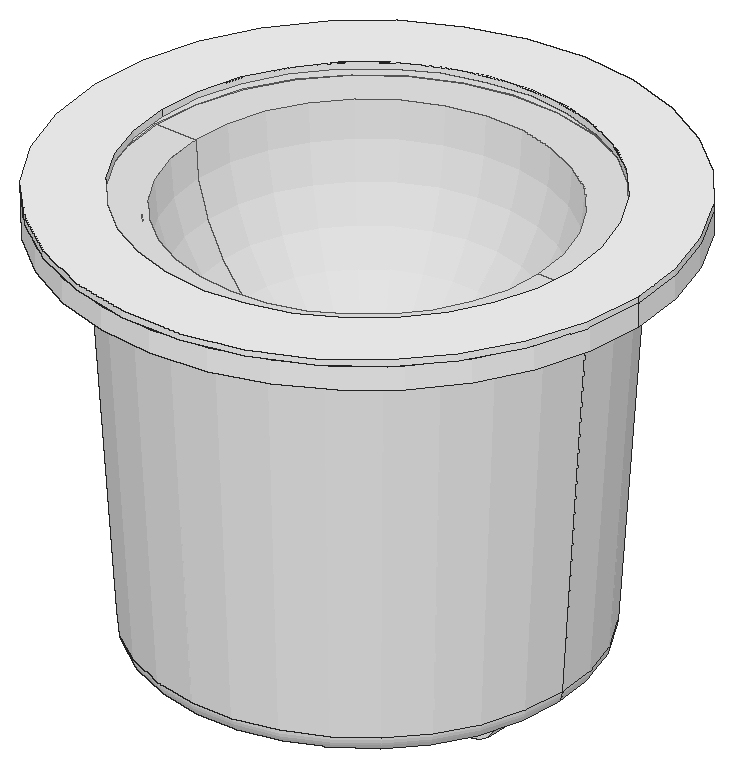
Revit family "2058881 Feilo Sylvania Lighting Fixture MYRD IP ST 2-7K DALI BLK WBEZ", category Lighting Fixtures, host Face, Revit 2017
Family settings
  Host = Face
  Round Connector Dimension = Use Diameter
  Part Type = Normal
  OmniClass Number = 23.80.70.11.17
  OmniClass Title = Specialized Lighting by Location or Use
  Cut with Voids When Loaded = No
  Light Source = Yes
  Shared = No
  Room Calculation Point = No
Parameters
  Weight = "0.44 kg"
  Wattage = 15 W
  WarrantyStartDate [instance] = "n/a"
  WarrantyGuarantorParts = "n/a"
  WarrantyDurationUnit = "n/a"
  WarrantyDurationParts = "n/a"
  WarrantyDescription = "n/a"
  built-in parameter 1150110 = 1 (stored number, unit not read)
  Voltage = 230 V
  URL = "http://www.sylvania-lighting.com"
  TypeName = "MYRD IP ST 2.7K DALI BLK WBEZ"
  Type Image = 0
  Type Comments = ""
  built-in parameter 1114217 = 1 (stored number, unit not read)
  Tilt Angle = -90°
  built-in parameter 1150109 = 1 (stored number, unit not read)
  built-in parameter 1150134 = (empty or 0)
  built-in parameter 1150113 = 1 (stored number, unit not read)
  SerialNumber [instance] = "n/a"
  Reflector Radius = Cutout Diameter / 2 - 2.5 mm  # 35.0 mm
  Reflector Material = Aluminum_Sylvania_Myriad_Bright
  Recessed Depth = Height  # 72.0 mm
  PowerFactor = 0
  PowerConsumption = "15 W"
  Photometric Web File = ""
  NominalWidth = 0.0 mm
  NominalLength = 76.0 mm
  NominalHeight = 72.0 mm
  Name = "MYRD IP ST 2.7K DALI BLK WBEZ"
  ModelReference = "MYRD IP ST 2.7K DALI BLK WBEZ"
  ModelNumber = "2058881"
  Material = "Aluminium"
  ManufacturerName = "Feilo Sylvania"
  LuminousEfficacy = "70 lm/W"
  LuminaireType = "Ceiling recessed"
  LightOutputRatio = "1"
  LampsType = Lamp  # "LED"
  LampNominalLuminous = "1046 lm"
  LampMacAdamStep = "n/a"
  LampColourTemperature = "2700 K"
  LampColourRenderingIndex = "n/a"
  Keynote = "16500"
  Keynote_2 = "16500"
  InstallationDate [instance] = "n/a"
  InputVoltage = "230-240V~"
  InputNominalFrequency = "50/60 Hz"
  IngressProtection = "IP65"
  ImpactProtectionIndex = "IK02"
  IfcExportType = "IfcLightFixtureType"
  IfcExportAs = "IfcLightFixtureType"
  Height = 72.0 mm  # constant formula
  ExpectedLife = 50000
  Emit from Circle Diameter = Accessory Inner Diameter 2  # 68.0 mm
  Emit Shape Visible in Rendering = no
  ElectricShockClassification = "Class II"
  DurationUnit = "hours"
  DocumentationLiterature = "http://www.sylvania-lighting.com/product/en-int/products/2058881"
  DimmingControlOptions = "Dimmable"
  Diffuser Material = Glass_Sylvania_Myriad_Clear_4000K
  Diffuser Diameter = Cutout Diameter  # 75.0 mm
  Cutout Diameter = 75.0 mm  # constant formula
  CreatedOn = "03-11-2017"
  CreatedBy = ""
  Cost = 0
  built-in parameter 1114216 [instance] = 1 (stored number, unit not read)
  built-in parameter 1150142 = (empty or 0)
  Model = "MYRD IP ST 2.7K DALI BLK WBEZ"
  Manufacturer = "Feilo Sylvania"  # constant formula
  built-in parameter 1150105 = 83.556 (stored number, unit not read)
  Lumens = 1050 lm
  built-in parameter 1150115 = 1 (stored number, unit not read)
  built-in parameter 1150137 = (empty or 0)
  built-in parameter 1150139 = (empty or 0)
  built-in parameter 1150112 = 1 (stored number, unit not read)
  built-in parameter 1150114 = 1 (stored number, unit not read)
  Lamp = "LED"
  built-in parameter 1150132 = (empty or 0)
  built-in parameter 1150102 = (empty or 0)
  built-in parameter 1150107 = 2700 (stored number, unit not read)
  built-in parameter 1150138 = (empty or 0)
  built-in parameter 1150106 = 0.83556 (stored number, unit not read)
  built-in parameter 1150104 = 6.5032 (stored number, unit not read)
  Dimming Lamp Color Temperature Shift = (empty or 0)
  Description = "Supplied complete with electronic control gear Compact Fluorescent low energy downlight Emergency version passes through the cut out Ideal for low level orientation lighting New range of Architectural accessories each providing a different lit dimension New completely flush plaster up accessory ring for clean ceiling lines and smooth finish Order lamp separately"  # constant formula
  Default Elevation = 0.0 mm
  Color Filter = 16777215
  built-in parameter 1140040 [instance] = 1
  Body Radius = Reflector Radius + 1.5 mm  # 36.5 mm
  Body Material = Aluminum_Sylvania_Myriad_Gray
  BarCode [instance] = "n/a"
  built-in parameter 1114218 = 1 (stored number, unit not read)
  built-in parameter 1150133 = 10 (stored number, unit not read)
  AssetType = "Fixed"
  AssetIdentifier [instance] = "n/a"
  Assembly Code = "D5020200"
  Apparent Load = 15 VA
  Accessory Material = Aluminum_Sylvania_Myriad_White
  Accessory Inner Diameter 2 = Accessory Diameter - 22.0 mm  # 68.0 mm
  Accessory Inner Diameter 1 = Accessory Diameter - 2.0 mm  # 88.0 mm
  Accessory Diameter = Cutout Diameter + 15.0 mm  # 90.0 mm
Reference planes
  plane 1 "Center (Front/Back)": y = 0
  plane 2: z = 0
  plane 3 "Center (Left/Right)": x = 0
  plane 4: z = 2
  plane 5 "Fixture Bottom": z = 4.5
  plane 6: z = -28.5
  plane 7: z = -61.5
  plane 8 "Fixture Top": z = -67.5
  plane 9: z = 3.5
Forms (mm)
  Revolve 1, solid, material "Aluminum_Sylvania_Myriad_Bright" <- "Reflector Material", detail levels fine
    sketch origin (0, 0, 0) x (1, 0, 0) y (0, 0, 1)
      loop
        line (0, -27.515) -> (-6, -27.515)
        arc (-6, -27.515) -> (-22.333, -16.632) -> (-28.5, 2) r 30.135
        line (-28.5, 2) -> (-35, 2) -> (-35, 0) -> (-29.184, 0)
        arc (-29.184, 0) -> (-22.423, -18.18) -> (-6, -28.5) r 30.204
        line (-6, -28.5) -> (0, -28.5) -> (0, -27.515)
      axis (0, -28.5) -> (0, 2)
    angle from 0 to 360
  Revolve 2, solid, material "Aluminum_Sylvania_Myriad_Gray" <- "Body Material", detail levels fine
    sketch origin (0, 0, 0) x (1, 0, 0) y (0, 0, 1)
      loop
        line (-44, 2) -> (-44, 0) -> (-36.5, 0) -> (-32.42, -58.708)
        arc (-32.42, -58.708) -> (-31.474, -60.694) -> (-29.428, -61.5) r 3
        line (-29.428, -61.5) -> (0, -61.5) -> (0, -28.5) -> (-6, -28.5)
        arc (-6, -28.5) -> (-22.423, -18.18) -> (-29.184, 0) r 30.204
        line (-29.184, 0) -> (-35, 0) -> (-35, 2) -> (-44, 2)
      axis (0, 2) -> (0, -61.5)
    angle from 0 to 360
  Extrusion 3, solid, material "Aluminum_Sylvania_Myriad_Gray" <- "Body Material", detail levels fine
    sketch origin (0, 0, 0) x (1, 0, 0) y (0, 0, 1)
      loop
        line (-13.5, -67.5) -> (21, -67.5)
        arc (21, -67.5) -> (23.828, -66.328) -> (25, -63.5) r 4
        line (25, -63.5) -> (25, -61.5) -> (-17.5, -61.5) -> (-17.5, -63.5)
        arc (-17.5, -63.5) -> (-16.328, -66.328) -> (-13.5, -67.5) r 4
    from -4.5 to 4.5
  Extrusion 4, solid, material "Aluminum_Sylvania_Myriad_White" <- "Accessory Material", detail levels fine
    sketch origin (0, 0, 0) x (1, 0, 0) y (0, 1, 0)
      loop
        circle (0, 0) r 45
      loop
        circle (0, 0) r 44
    from 0 to 3.5
  Extrusion 5, solid, material "Aluminum_Sylvania_Myriad_White" <- "Accessory Material", detail levels fine
    sketch origin (0, 0, 0) x (1, 0, 0) y (0, 1, 0)
      loop
        circle (0, 0) r 45
      loop
        circle (0, 0) r 34
    from 3.5 to 4.5
  Extrusion 6, solid, material "Aluminum_Sylvania_Myriad_White" <- "Accessory Material", detail levels coarse+medium
    sketch origin (0, 0, 0) x (1, 0, 0) y (0, 1, 0)
      loop
        circle (0, 0) r 45
    from 0 to 4.5
  Revolve 7, solid, detail levels coarse+medium
    sketch origin (0, 0, 0) x (1, 0, 0) y (0, 0, 1)
      loop
        line (36.5, 0) -> (0, 0) -> (0, -61.5) -> (32.226, -61.5) -> (36.5, 0)
      axis (0, 0) -> (0, -61.5)
    angle from 0 to 360
  Extrusion 8, void
    sketch origin (0, 0, 0) x (1, 0, 0) y (0, 1, 0)
      loop
        circle (0, 0) r 37.5
    from -67.5 to 0
  Extrusion 9, solid, material "Glass_Sylvania_Myriad_Clear_4000K" <- "Diffuser Material", detail levels fine
    sketch origin (0, 0, 0) x (1, 0, 0) y (0, 1, 0)
      loop
        circle (0, 0) r 37.5
    from 2 to 3.5
Cuts and joins
  joined: Extrusion 4, Extrusion 5
Lines and regions (mm)
  Masking region 1
    outline origin (0, 0, 0) x (1, 0, 0) y (0, 1, 0)
      loop
        circle (0, 0) r 45
  symbolic lines
    curve 1: arc (-34, 0, 0) -> (0, 34, 0) -> (34, 0, 0) r 34
    curve 2: arc (34, 0, 0) -> (0, -34, 0) -> (-34, 0, 0) r 34
Dimensions and locks
  locked: plane 7 to plane 8 "Fixture Top" at 6
  "Body Radius": Revolve 7 sketch curve to plane 3 "Center (Left/Right)"
  locked: Revolve 7 sketch curve to Revolve 7 sketch curve at 4.274
  plane 5 "Fixture Bottom" to plane 9 to plane 4 to plane 2 to plane 6 = 1.0 mm locked, 1.5 mm locked, 2.0 mm locked, 28.5 mm locked
  "Reflector Radius": Revolve 1 sketch curve to plane 3 "Center (Left/Right)"
  Revolve 1 sketch curve to Revolve 1 sketch curve to Revolve 1 sketch curve to Revolve 1 sketch curve = 6.5 mm locked, 22.5 mm locked, 0.0 mm locked
  "Reflector Radius": plane 3 "Center (Left/Right)" to Revolve 2 sketch curve
  Revolve 2 sketch curve to Revolve 2 sketch curve to Revolve 2 sketch curve = 7.5 mm locked, 1.5 mm locked
  Revolve 2 sketch curve to Revolve 2 sketch curve to Revolve 2 sketch curve = 5.816 mm locked, 23.184 mm locked
  Revolve 2 sketch curve to Revolve 2 sketch curve to Revolve 2 sketch curve = 2.58 mm locked, 2.993 mm locked
  "Accessory Diameter": diameter of Extrusion 4 sketch curve
  "Accessory Inner Diameter 1": diameter of Extrusion 4 sketch curve
  "Accessory Diameter": diameter of Extrusion 5 sketch curve
  "Accessory Diameter": diameter of Extrusion 6 sketch curve
  "Cutout Diameter": diameter of Extrusion 8 sketch curve
  "Accessory Inner Diameter 2": diameter of Extrusion 5 sketch curve
  "Diffuser Diameter": diameter of Extrusion 9 sketch curve
  aligned and locked: plane 2 to host face
  aligned and locked: level to host face
  aligned and locked: plane 1 "Center (Front/Back)" to imposter light
  aligned and locked: plane 3 "Center (Left/Right)" to imposter light
  aligned and locked: Revolve 1 sketch curve to imposter light
  aligned and locked: Extrusion 3 sketch curve to plane 8 "Fixture Top"
  aligned and locked: plane 7 to Extrusion 3 sketch curve
  aligned and locked: Extrusion 4 to plane 2
  aligned and locked: plane 9 to Extrusion 4
  aligned and locked: Extrusion 5 to plane 9
  aligned and locked: plane 5 "Fixture Bottom" to Extrusion 5
  aligned and locked: Extrusion 6 to plane 2
  aligned and locked: plane 5 "Fixture Bottom" to Extrusion 6
  aligned and locked: Extrusion 8 to plane 8 "Fixture Top"
  aligned and locked: plane 2 to Extrusion 8
  aligned and locked: Masking region 1 sketch curve to Extrusion 6  (x2)
  aligned and locked: Extrusion 9 to plane 4
  aligned and locked: plane 9 to Extrusion 9
  aligned and locked: plane 4 to Revolve 2 sketch curve
  aligned and locked: Revolve 2 sketch curve to plane 2
  aligned and locked: curve 1 to cut or joined group of Extrusion 4, Extrusion 5
  aligned and locked: curve 2 to cut or joined group of Extrusion 4, Extrusion 5
  aligned and locked: imposter light to plane 5 "Fixture Bottom"
Automatic sketch dimensions
  host sketch curve to host sketch curve = 1305.563 mm
  host sketch curve to host sketch curve = 1283.632 mm
  Extrusion 3 sketch curve to plane 7 = 2.0 mm
  Extrusion 3 sketch curve to plane 3 "Center (Left/Right)" = 13.5 mm
  plane 3 "Center (Left/Right)" to Extrusion 3 sketch curve = 21.0 mm
  Extrusion 3 sketch curve to Extrusion 3 sketch curve = 4.0 mm
  Revolve 1 sketch curve to level = 0.0 mm
  Revolve 1 sketch curve to plane 3 "Center (Left/Right)" = 0.0 mm
  Revolve 1 sketch curve to plane 6 = 0.0 mm
  Revolve 1 sketch curve to plane 4 = 0.0 mm
  Revolve 1 sketch curve to Revolve 1 sketch curve = 0.684 mm
  level to Revolve 1 sketch curve = 0.88 mm
  Revolve 1 sketch curve to plane 4 = 0.363 mm
  Revolve 1 sketch curve to Revolve 1 sketch curve = 0.625 mm
  Revolve 1 sketch curve to plane 8 "Fixture Top" = 232.8 mm
  plane 5 "Fixture Bottom" to Revolve 1 sketch curve = 291.243 mm
  Revolve 2 sketch curve to plane 3 "Center (Left/Right)" = 0.0 mm  (x2)
  Revolve 2 sketch curve to plane 7 = 0.0 mm
  Revolve 2 sketch curve to plane 6 = 0.0 mm
  Revolve 2 sketch curve to level = 0.0 mm
  level to Revolve 2 sketch curve = 0.88 mm
  plane 7 to Revolve 2 sketch curve = 2.792 mm
  Revolve 2 sketch curve to plane 8 "Fixture Top" = 304.774 mm
  plane 5 "Fixture Bottom" to Revolve 2 sketch curve = 1137.105 mm
  Extrusion 4 sketch curve to Extrusion 4 sketch curve = 0.0 mm  (x2)
  plane 1 "Center (Front/Back)" to Extrusion 4 sketch curve = 0.0 mm
  Extrusion 4 sketch curve to plane 3 "Center (Left/Right)" = 0.0 mm
  Extrusion 5 sketch curve to Extrusion 5 sketch curve = 0.0 mm  (x2)
  plane 1 "Center (Front/Back)" to Extrusion 5 sketch curve = 0.0 mm
  Extrusion 5 sketch curve to plane 3 "Center (Left/Right)" = 0.0 mm
  plane 1 "Center (Front/Back)" to Extrusion 6 sketch curve = 0.0 mm
  Extrusion 6 sketch curve to plane 3 "Center (Left/Right)" = 0.0 mm
  Revolve 7 sketch curve to level = 0.0 mm
  Revolve 7 sketch curve to plane 3 "Center (Left/Right)" = 0.0 mm  (x2)
  Revolve 7 sketch curve to plane 7 = 0.0 mm
  Revolve 7 sketch curve to plane 8 "Fixture Top" = 304.774 mm
  plane 5 "Fixture Bottom" to Revolve 7 sketch curve = 43.226 mm
  plane 1 "Center (Front/Back)" to Extrusion 8 sketch curve = 0.0 mm
  Extrusion 8 sketch curve to plane 3 "Center (Left/Right)" = 0.0 mm
  plane 1 "Center (Front/Back)" to Extrusion 9 sketch curve = 0.0 mm
  Extrusion 9 sketch curve to plane 3 "Center (Left/Right)" = 0.0 mm
Connectors
  electrical at (-0.006, -0.019, -67.5), driven by "Apparent Load", driven by "Apparent Load"
    settings: on plane 8 "Fixture Top", index 1, voltage 230 V, apparent load 15 VA, apparent load phase1 15 VA, apparent load phase2 0 VA, apparent load phase3 0 VA, power factor 1, load classification "Lighting", number of poles 1, system type 30, power factor state 1, is connector primary yes, connector utility no, sub classification motor no, connector description ""
